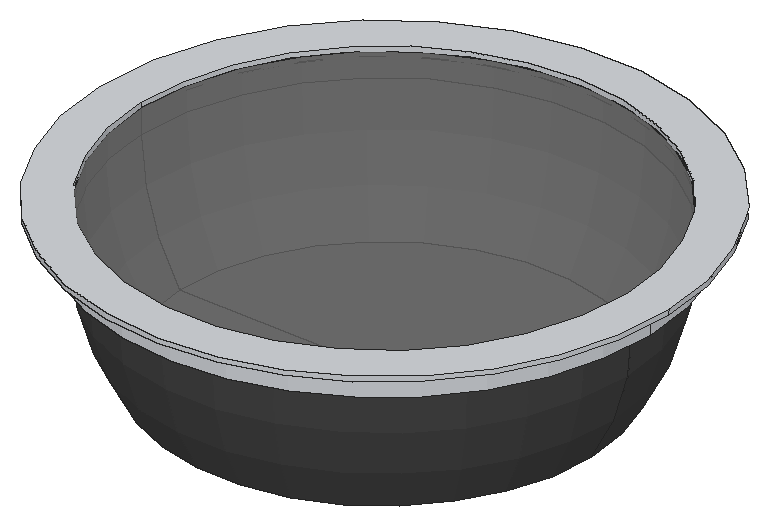
Revit family "3031829 Lighting Fixture_Sylvania_Syl-Lighter II_Ceiling Recessed", category Lighting Fixtures, host Face, Revit 2017
Family settings
  Host = Face
  Round Connector Dimension = Use Diameter
  Part Type = Normal
  OmniClass Number = 23.80.70.11.17
  OmniClass Title = Specialized Lighting by Location or Use
  Cut with Voids When Loaded = No
  Light Source = Yes
  Shared = No
  Room Calculation Point = No
Parameters (values of type "Syl-Lighter LED II 240 RO 25W NW DALI")
  Weight = 0.60 kg
  Wattage = 24.1685 W
  built-in parameter 1150110 = 1 (stored number, unit not read)
  Voltage Comments = "UNV (Universal Voltage; 220-240 Volt)"  # constant formula
  Voltage = 240 V  # constant formula
  URL = "http://www.sylvania-lighting.com"
  built-in parameter 1114217 = 1 (stored number, unit not read)
  Tilt Angle = -90.00°  # constant formula
  built-in parameter 1150109 = 1 (stored number, unit not read)
  built-in parameter 1150134 = 12
  Ta Rating = "-10°C to +40°C"  # constant formula
  built-in parameter 1150113 = 1 (stored number, unit not read)
  Recessed Depth = Height  # 65.0 mm
  IP Rating = "IP44"  # constant formula
  IK Rating = "IK07"  # constant formula
  Energy Class = "A++, A+, A"  # constant formula
  Dimmable = "DALI"  # constant formula
  Catalog Number = "3031829 Syl-Lighter LED II 240 RO 25W NW DALI"
  Body Material = Metal_Sylvania_Syl-Lighter LED II_Silver
  Product Page URL = "http://www.sylvania-lighting.com/product/en-int/products/3031829"
  Product Family = "SYL-LIGHTER LED II"  # constant formula
  Photometry Comments = ""
  Photometric Web File = "3031829_Syl-LighterLEDII240RO25WNWDALI-187709.ies"
  built-in parameter 1150105 = 1336.4 (stored number, unit not read)
  Lumens = 2289 lm
  built-in parameter 1150115 = 1 (stored number, unit not read)
  built-in parameter 1150137 = (empty or 0)
  built-in parameter 1150139 = (empty or 0)
  Life = "50 000h"  # constant formula
  built-in parameter 1150112 = 1 (stored number, unit not read)
  built-in parameter 1150114 = 1 (stored number, unit not read)
  Lamp Comments = "Integrated LED"
  built-in parameter 1150132 = 2
  built-in parameter 1150102 = (empty or 0)
  built-in parameter 1150107 = 4000 (stored number, unit not read)
  built-in parameter 1150138 = (empty or 0)
  built-in parameter 1150106 = 13.364 (stored number, unit not read)
  Glow Wire Test = 650 °C  # constant formula
  Emit from Circle Diameter = Diffuser Diameter  # 205.0 mm
  Emit Shape Visible in Rendering = no
  built-in parameter 1150104 = 8.7988 (stored number, unit not read)
  Drive Current = "450mA"
  Dimming Lamp Color Temperature Shift = <None>
  Diffuser Radius = Diffuser Diameter / 2  # 102.5 mm
  Diffuser Diameter = Diameter - 20.0 mm  # 205.0 mm
  Inner Diameter = Diameter - 4.0 mm  # 221.0 mm
  Cutout Diameter = Diameter  # 225.0 mm
  Color Filter = 16777215
  Beam Angle = 74.00°
  built-in parameter 1114218 = 1 (stored number, unit not read)
  built-in parameter 1150133 = 10 (stored number, unit not read)
  Height = 65.0 mm
  Electrical Protection = "CLASS II"  # constant formula
  built-in parameter 1114216 [instance] = 1 (stored number, unit not read)
  Model = "Syl-Lighter LED II 240 RO 25W NW DALI"
  Manufacturer = "Feilo Sylvania"  # constant formula
  Lamp = "LED"
  Diffuser Material = Polycarbonate_Sylvania_Syl-Lighter LED II_Opal
  Description = "Syl-Lighter LED II is available in 4 different round body sizes: 165mm, 195mm, 220mm & 240mm Syl-Lighter LED II 165 12W delivers a 1,134 lumen output (4,000K) - perfect for 1x26W CFL replacement Syl-Lighter LED II 195 15W delivers a 1,480 lumen output (4,000K) - perfect for 1x32W/2x18W CFL replacement Syl-Lighter LED II 220 21W delivers a 1,989 lumen output (4,000K) - perfect for 1x42W CFL replacement Syl-Lighter LED II 240 25W delivers a 2,289 lumen output (4,000K)- perfect for 2x26W CFL replacement High efficacy up to 99lm/W (Syl-Lighter LED II 195 4,000K) IP44 rating allows for installation in applicable wet zone areas Choice of 3,000K (warm white) or 4,000K (neutral white) Shallow recess depth of <65mm Can replace existing large CFL downlights using a 225mm ceiling cut out (Syl-Lighter LED II 240) Energy efficient electronic gear including analogue 1-10V and DALI dimmable options IK07 polycarbonate diffuser allows for a wider light distribution than a reflector downlight, allowing for increased spacings between luminaires 3 hour emergency pack available (to be ordered in addition to the luminaire) Ideal for applications such as corridors, public WCs and back of house areas Quick and easy to install Loop in-Loop out facility with red push fit terminal block for quick wiring White bezel (RAL 9003) Energy Class: A++, A+, A Long lifetime: 50,000 hours life at L70 (L80: 30,000 hours, L90: 15,000 hours)"  # constant formula
  Default Elevation = 0.0 mm
  built-in parameter 1140040 [instance] = 1
  Assembly Code = "D5020200"
  Apparent Load Comments = ""
  Apparent Load = 25 VA
  Accessory Radius = Accessory Diameter / 2  # 120.0 mm
  Accessory Material = Aluminum_Sylvania_Syl-Lighter LED II_White_RAL 9003
  Diameter = 225.0 mm
  Accessory Diameter = 240.0 mm
Reference planes
  plane 1 "Center (Front/Back)": y = 0
  plane 2: z = 0
  plane 3 "Center (Left/Right)": x = 0
  plane 4 "Fixture Bottom": z = 2
  plane 5: z = -10
  plane 6 "Fixture Top": z = -65
  plane 7: z = -2
Forms (mm)
  Extrusion 1, void
    sketch origin (0, 0, 58) x (-1, 0, 0) y (0, -1, 0)
      loop
        circle (0, 0) r 112.5
    from -171 to -55
  Extrusion 2, solid, detail levels fine
    sketch origin (0, 0, 58) x (-1, 0, 0) y (0, -1, 0)
      loop
        circle (0, 0) r 112.5
      loop
        circle (0, 0) r 110.5
    from -68 to -58
  Extrusion 3, solid, detail levels fine
    sketch origin (0, 0, 58) x (-1, 0, 0) y (0, -1, 0)
      loop
        circle (0, 0) r 120
      loop
        circle (0, 0) r 102.5
    from -58 to -56
  Extrusion 4, solid, material "Polycarbonate_Sylvania_Syl-Lighter LED II_Opal" <- "Diffuser Material", detail levels fine
    sketch origin (0, 0, 58) x (-1, 0, 0) y (0, -1, 0)
      loop
        circle (0, 0) r 102.5
    from -60 to -58
  Revolve 5, solid, material "Metal_Sylvania_Syl-Lighter LED II_Silver" <- "Body Material", detail levels fine
    sketch origin (0, 0, 0) x (1, 0, 0) y (0, 0, 1)
      loop
        line (-102.5, 0) -> (-104.5, 0) -> (-104.5, -10)
        arc (-104.5, -10) -> (-100.153, -38.784) -> (-87.5, -65) r 97.471
        line (-87.5, -65) -> (0, -65) -> (0, -63) -> (-86.437, -63)
        arc (-86.437, -63) -> (-98.396, -37.69) -> (-102.5, -10) r 95.471
        line (-102.5, -10) -> (-102.5, 0)
      axis (0, -65) -> (0, 0)
    angle from 0 to 360
  Revolve 6, solid, material "Aluminum_Sylvania_Syl-Lighter LED II_White_RAL 9003" <- "Accessory Material", detail levels coarse+medium
    sketch origin (0, 0, 0) x (1, 0, 0) y (0, 0, 1)
      loop
        line (-120, 2) -> (-120, 0) -> (-112.5, 0) -> (-112.5, -10) -> (-104.5, -10)
        arc (-104.5, -10) -> (-100.153, -38.784) -> (-87.5, -65) r 97.471
        line (-87.5, -65) -> (0, -65) -> (0, 2) -> (-120, 2)
      axis (0, 2) -> (0, -65)
    angle from 0 to 360
Cuts and joins
  joined: Extrusion 2, Extrusion 3
Lines and regions (mm)
  Masking region 1
    outline origin (0, 0, 58) x (-1, 0, 0) y (0, -1, 0)
      loop
        circle (0, 0) r 120
  symbolic lines, detail levels fine
    curve 1: arc (-102.5, 0, 58) -> (0, 102.5, 58) -> (102.5, 0, 58) r 102.5
    curve 2: arc (102.5, 0, 58) -> (0, -102.5, 58) -> (-102.5, 0, 58) r 102.5
Dimensions and locks
  locked: plane 4 "Fixture Bottom" to plane 2 at 2
  locked: plane 2 to plane 5 at 10
  "Height": plane 2 to plane 6 "Fixture Top"
  locked: plane 2 to plane 7 at 2
  "Diffuser Radius": plane 3 "Center (Left/Right)" to Revolve 5 sketch curve
  locked: Revolve 5 sketch curve to Revolve 5 sketch curve at 2
  locked: Revolve 5 sketch curve to Revolve 5 sketch curve at 15
  "Accessory Radius": plane 3 "Center (Left/Right)" to Revolve 6 sketch curve
  Revolve 6 sketch curve to Revolve 6 sketch curve to Revolve 6 sketch curve to Revolve 6 sketch curve = 7.5 mm locked, 8.0 mm locked, 17.0 mm locked
  "Cutout Diameter": diameter of Extrusion 1 sketch curve
  "Diameter": diameter of Extrusion 2 sketch curve
  "Inner Diameter": diameter of Extrusion 2 sketch curve
  "Accessory Diameter": diameter of Extrusion 3 sketch curve
  "Diffuser Diameter": diameter of Extrusion 3 sketch curve
  "Diffuser Diameter": diameter of Extrusion 4 sketch curve
  "Accessory Diameter": diameter of Masking region 1 sketch curve
  aligned and locked: host face to plane 2
  aligned and locked: host face to level
  aligned and locked: plane 4 "Fixture Bottom" to Extrusion 3
  aligned and locked: Extrusion 3 to plane 2
  aligned and locked: Extrusion 2 to plane 5
  aligned and locked: Extrusion 2 to plane 2
  aligned and locked: Extrusion 4 to plane 7
  aligned and locked: plane 2 to Extrusion 4
  aligned and locked: Revolve 5 sketch curve to plane 2
  aligned and locked: plane 5 to Revolve 5 sketch curve  (x2)
  aligned and locked: Revolve 5 sketch curve to plane 3 "Center (Left/Right)"
  aligned and locked: plane 3 "Center (Left/Right)" to Revolve 5 sketch curve
  aligned and locked: Revolve 6 sketch curve to plane 5
  aligned and locked: Revolve 6 sketch curve to plane 2
  aligned and locked: Revolve 6 sketch curve to plane 4 "Fixture Bottom"
  aligned and locked: plane 3 "Center (Left/Right)" to Revolve 6 sketch curve
  aligned and locked: Revolve 6 sketch curve to plane 3 "Center (Left/Right)"
  aligned and locked: plane 3 "Center (Left/Right)" to imposter light
  aligned and locked: imposter light to plane 1 "Center (Front/Back)"
  aligned and locked: imposter light to plane 4 "Fixture Bottom"
  aligned and locked: curve 1 to cut or joined group of Extrusion 2, Extrusion 3
Automatic sketch dimensions
  host sketch curve to host sketch curve = 700.0 mm
  host sketch curve to host sketch curve = 620.0 mm
  plane 1 "Center (Front/Back)" to Extrusion 1 sketch curve = 0.0 mm
  Extrusion 1 sketch curve to plane 3 "Center (Left/Right)" = 0.0 mm
  Extrusion 2 sketch curve to Extrusion 2 sketch curve = 0.0 mm  (x2)
  plane 1 "Center (Front/Back)" to Extrusion 2 sketch curve = 0.0 mm
  Extrusion 2 sketch curve to plane 3 "Center (Left/Right)" = 0.0 mm
  Extrusion 3 sketch curve to Extrusion 3 sketch curve = 0.0 mm  (x2)
  plane 1 "Center (Front/Back)" to Extrusion 3 sketch curve = 0.0 mm
  Extrusion 3 sketch curve to plane 3 "Center (Left/Right)" = 0.0 mm
  plane 1 "Center (Front/Back)" to Extrusion 4 sketch curve = 0.0 mm
  Extrusion 4 sketch curve to plane 3 "Center (Left/Right)" = 0.0 mm
  Revolve 5 sketch curve to Revolve 5 sketch curve = 0.0 mm
  Revolve 5 sketch curve to plane 6 "Fixture Top" = 0.0 mm
  plane 6 "Fixture Top" to Revolve 5 sketch curve = 2.0 mm
  Revolve 5 sketch curve to plane 6 "Fixture Top" = 17.111 mm
  plane 4 "Fixture Bottom" to Revolve 5 sketch curve = 20.889 mm
  Revolve 6 sketch curve to plane 6 "Fixture Top" = 0.0 mm
  Revolve 6 sketch curve to Revolve 6 sketch curve = 63.885 mm
  Revolve 6 sketch curve to Revolve 6 sketch curve = 84.115 mm
  plane 1 "Center (Front/Back)" to Masking region 1 sketch curve = 0.0 mm
  Masking region 1 sketch curve to plane 3 "Center (Left/Right)" = 0.0 mm
Connectors
  electrical at (0, 0, -65), driven by "Apparent Load", driven by "Voltage"
    settings: on Revolve 5, index 1, voltage 240 V, apparent load 0 VA, apparent load phase1 25 VA, apparent load phase2 0 VA, apparent load phase3 0 VA, power factor 1, load classification "Lighting", number of poles 1, system type 31, power factor state 1, is connector primary yes, connector utility no, sub classification motor no, connector description ""
